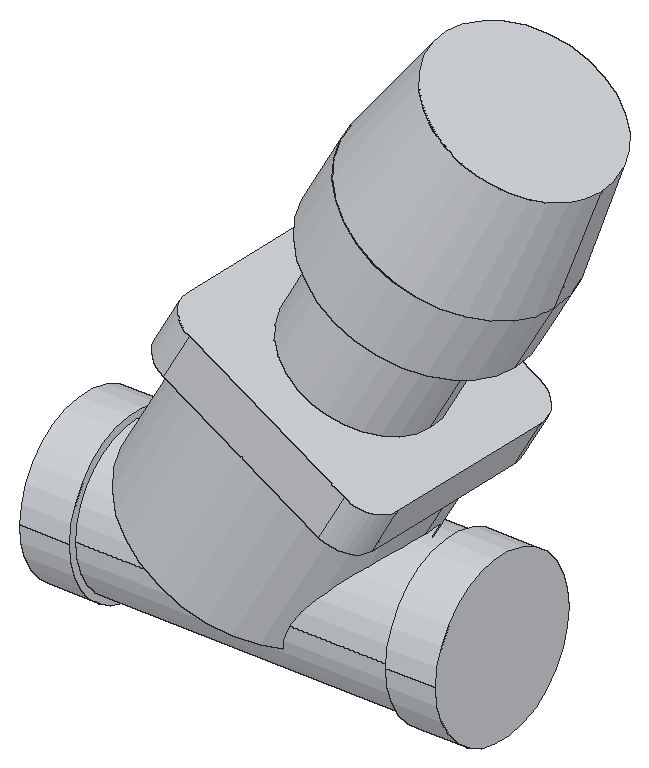
Revit family "OPTIMA_Compact_MM_DN15_2,5_RFA_2019", category Pipe Accessories, Revit 2019
Family settings
  Round Connector Dimension = Use Diameter
  Part Type = Valve - Breaks Into
  Work Plane-Based = No
  Always vertical = Yes
  Cut with Voids When Loaded = No
  Shared = No
Parameters (values of type "OPTIMA Compact DN15 M-M 2.5mm")
  magiProductId = "cf91b4957677408aaed6de7f8e707d"
  magiProductFamilyId = "78ecc78dd0e54fb5aa8a98aef7d402"
  magiPartTypeId = 304
  isMeasuringValve [instance] = no
  ang2D [instance] = 0.00°
  Z = 0 mm
  X = 7 mm
  W2D = 32 mm
  VersionID = "2.0/2018.8.28.1/FRESE_OPTIMA-COMPACT-MM_001"
  Use Minimum Symbol Size [instance] = yes
  URL = "www.hydronix.cz"
  Type Comments = "vnější závit; PN25; 0~120°C, bez měřicích vsuvek"
  R9 = 8 mm
  R8 = 14 mm
  R7 = 17 mm
  R6 = 12 mm
  R5 = 5 mm
  R4 = 19 mm
  R3 = 19 mm
  R2 = 12 mm
  R1 = 13 mm
  QmdConnectorList = "301;D;302;D"
  Productdata [instance] = ""
  PLG0 = no
  Manufacturer = "Hydronix"
  MC Product Code = "53-1304  (3/4\" M-M; 2.5mm; Qmin-dpmin 100l/h-14.9kPa; Qmax-dpmin 575l/h-18.5kPa; dpmax 800kPa)"
  MC Piping Given Pressure Drop [instance] = 0.0 Pa
  LL = 32.5 mm
  L3 = 11 mm
  L2D_Min = 3048 mm
  L2D = 104 mm
  L2 = 49.4 mm
  L1__ve = -L1  # -7.8 mm
  L1 = 7.8 mm
  H6__ve = -H6  # -55 mm
  H6 = 55 mm
  H5 = 20 mm
  H4 = 12 mm
  H3 = 18 mm
  H2 = 8 mm
  H1 = 26 mm
  Description = "Tlakově nezávislý 2-cestný regulační vyvažovací ventil (PICV)"
  D = 15 mm
  A = 30.00°
Types (8, lengths in mm): name | magiProductId | Z | X | R4 | R3 | R2 | R1 | MC Product Code | LL | L3 | L2 | L1__ve | L1 | H6__ve | H6 | H5 | H3 | H2 | H1 | D
  OPTIMA Compact DN32 M-M 5.5mm | "9229f6b2647a4beea29cfed7a0464e" | 1 | 13 | 29 | 31.5 | 22 | 24 | "53-1314  (6/4\" M-M; 5.5mm; Qmin-dpmin 550l/h-17.9kPa; Qmax-dpmin 4001l/h-28.0kPa; dpmax 800kPa)" | 52 | 12.5 | 79.04 | -12.48 | 12.48 | -66 | 66 | 20 | 16 | 10 | 46 | 32
  OPTIMA Compact DN15 M-M 2.5mm | "cf91b4957677408aaed6de7f8e707d" | 0 | 7 | 19 | 19 | 12 | 13 | "53-1304  (3/4\" M-M; 2.5mm; Qmin-dpmin 100l/h-14.9kPa; Qmax-dpmin 575l/h-18.5kPa; dpmax 800kPa)" | 32.5 | 11 | 49.4 | -7.8 | 7.8 | -55 | 55 | 20 | 18 | 8 | 26 | 15
  OPTIMA Compact DN15 M-M 5.0mm | "3da7abe28dc3494da6d3a7ef2edb11" | 0 | 7 | 19 | 19 | 12 | 13 | "53-1305  (3/4\" M-M; 5.0mm; Qmin-dpmin 220l/h-16.0kPa; Qmax-dpmin 1330l/h-21.6kPa; dpmax 800kPa)" | 32.5 | 11 | 49.4 | -7.8 | 7.8 | -55 | 55 | 20 | 18 | 8 | 26 | 15
  OPTIMA Compact DN20 M-M 5.0mm | "dbf1ea5749af4e6bb74c096f7a23b2" | 0 | 10 | 19 | 19 | 13.5 | 16.5 | "53-1308  (1\" M-M; 5.0mm; Qmin-dpmin 220l/h-16.0kPa; Qmax-dpmin 1330l/h-21.6kPa; dpmax 800kPa)" | 35 | 11 | 53.2 | -8.4 | 8.4 | -58.5 | 58.5 | 20 | 18 | 8 | 26 | 20
  OPTIMA Compact DN20 M-M 5.5mm | "a40c776a67e54a899e920652842cb9" | 0 | 10 | 19 | 19 | 13.5 | 16.5 | "53-1311  (1\" M-M; 5.5mm; Qmin-dpmin 300l/h-17.8kPa; Qmax-dpmin 1800l/h-40.0kPa; dpmax 800kPa)" | 35 | 11 | 53.2 | -8.4 | 8.4 | -58.5 | 58.5 | 20 | 18 | 8 | 26 | 20
  OPTIMA Compact DN25 M-M 5.5mm | "c9531e40f709430d814b4200686e37" | 0 | 13 | 29 | 31.5 | 18.5 | 21 | "53-1313  (5/4\" M-M; 5.5mm; Qmin-dpmin 600l/h-17.3kPa; Qmax-dpmin 3609l/h-23.0kPa; dpmax 800kPa)" | 52 | 12.5 | 79.04 | -12.48 | 12.48 | -63 | 63 | 20 | 16 | 10 | 43 | 25
  OPTIMA Compact DN10 M-M 2.5mm | "719160033de540c9acf49957212ec3" | 0 | 7 | 19 | 19 | 9 | 10.5 | "53-1300  (1/2\" M-M; 2.5mm; Qmin-dpmin 30l/h-14.3kPa; Qmax-dpmin 200l/h-15.8kPa; dpmax 800kPa)" | 32.5 | 11 | 49.4 | -7.8 | 7.8 | -52.5 | 52.5 | 17 | 18 | 8 | 30 | 10
  OPTIMA Compact DN10 M-M 5.0mm | "5a6cfbbfc7584f5c989f475761ae24" | 0 | 7 | 19 | 19 | 9 | 10.5 | "53-1309  (1/2\" M-M; 5.0mm; Qmin-dpmin 65l/h-14.6kPa; Qmax-dpmin 370l/h-17.2kPa; dpmax 800kPa)" | 32.5 | 11 | 49.4 | -7.8 | 7.8 | -52.5 | 52.5 | 17 | 18 | 8 | 30 | 10
Reference planes
  plane 1 "Center (Front/Back)": y = 0
  plane 2 "XYPLANE": z = 0
  plane 3 "Center (Left/Right)": x = 0
  plane 4 "267": x = 11
  plane 5 "266": x = -11
  plane 6 "252": through (-607.519, 0, 447.746) normal (0.5, 0, 0.866)
  plane 7 "250": through (-617.519, 0, 430.426) normal (0.5, 0, 0.866)
  plane 8 "248": through (-623.519, 0, 420.033) normal (0.5, 0, 0.866)
  plane 9 "245": through (-632.519, 0, 404.445) normal (0.5, 0, 0.866)
  plane 10 "241": through (352.483, 0, 662.519) normal (0.866, 0, -0.5)
  plane 11 "240": through (385.392, 0, 643.519) normal (0.866, 0, -0.5)
  plane 12 "239": y = -19
  plane 13 "238": y = 19
  plane 14 "237": through (-636.519, 0, 397.517) normal (0.5, 0, 0.866)
  plane 15 "235": through (-649.519, 0, 375) normal (0.5, 0, 0.866)
  plane 16 "231": y = 0
  plane 17 "230": through (368.938, 0, 653.019) normal (0.866, 0, -0.5)
  plane 18 "211": x = -24.7
  plane 19 "204": x = 32.5
  plane 20 "203": x = -32.5
  plane 21 "202": x = 0
  plane 22 "201": z = 0
  plane 23 "200": y = 0
  plane 24 "227XY": through (-649.519, 0, 375) normal (0.5, 0, 0.866)
  plane 25 "227XZ": y = 0
  plane 26 "227YZ": through (375, 0, 649.519) normal (0.866, 0, -0.5)
Forms (mm)
  Extrusion 1, solid, visible <- "PLG0"
    sketch origin (-750, 0, 0) x (1, 0, 0) y (0, 1, 0)
      loop
        circle (761, 0) r 8
    from 0 to -55 <- "H6__ve"
  Extrusion 2, solid, visible <- "PLG0"
    sketch origin (-750, 0, 0) x (1, 0, 0) y (0, 1, 0)
      loop
        circle (739, 0) r 8
    from 0 to -55 <- "H6__ve"
  Blend 3, solid
    base sketch origin (-617.519, 0, 430.426) x (0.866025, 0, -0.5) y (0, 1, 0)
      loop
        circle (743, 0) r 17
    top sketch origin (-617.519, 0, 430.426) x (0.866025, 0, -0.5) y (0, 1, 0)
      loop
        circle (743, 0) r 14
    from 0 to 20
  Extrusion 4, solid
    sketch origin (-623.519, 0, 420.033) x (0.866025, 0, -0.5) y (0, 1, 0)
      loop
        circle (743, 0) r 17
    from 0 to 12 <- "H4"
  Extrusion 5, solid
    sketch origin (-632.519, 0, 404.445) x (0.866025, 0, -0.5) y (0, 1, 0)
      loop
        circle (743, 0) r 12
    from 0 to 18 <- "H3"
  Extrusion 6, solid
    sketch origin (-636.519, 0, 397.517) x (0.866025, 0, -0.5) y (0, 1, 0)
      loop
        arc (729, 19) -> (725.464, 17.536) -> (724, 14) r 5
        line (724, 14) -> (724, -14)
        arc (724, -14) -> (725.464, -17.536) -> (729, -19) r 5
        line (729, -19) -> (757, -19)
        arc (757, -19) -> (760.536, -17.536) -> (762, -14) r 5
        line (762, -14) -> (762, 14)
        arc (762, 14) -> (760.536, 17.536) -> (757, 19) r 5
        line (757, 19) -> (729, 19)
    from 0 to 8 <- "H2"
  Extrusion 7, solid
    sketch origin (-649.519, 0, 375) x (0.866025, 0, -0.5) y (0, 1, 0)
      loop
        circle (743, 0) r 19
    from 0 to 26 <- "H1"
  Extrusion 8, solid
    sketch origin (-24.7, -750, 0) x (0, 1, 0) y (0, 0, 1)
      loop
        circle (750, 0) r 12
    from 0 to 49.4 <- "L2"
  Extrusion 9, solid
    sketch origin (32.5, -750, 0) x (0, 1, 0) y (0, 0, 1)
      loop
        circle (750, 0) r 13
    from 0 to -7.8 <- "L1__ve"
  Extrusion 10, solid
    sketch origin (-32.5, -750, 0) x (0, 1, 0) y (0, 0, 1)
      loop
        circle (750, 0) r 13
    from 0 to 7.8 <- "L1"
  Extrusion 11, solid, not visible
    sketch origin (32.5, -750, 0) x (0, 1, 0) y (0, 0, 1)
      loop
        circle (750, 0) r 10
    from 0 to -10
  Extrusion 12, solid, not visible
    sketch origin (-32.5, -750, 0) x (0, 1, 0) y (0, 0, 1)
      loop
        circle (750, 0) r 10
    from 0 to 10
Lines and regions (mm)
  reference lines, not visible
    curve 1: circle (2, 2, 0) r 1 normal (0, 0, 1)
Dimensions and locks
  plane 1 "Center (Front/Back)" to curve 1 = 2 mm
  "L3": plane 3 "Center (Left/Right)" to plane 4 "267"
  "L3": plane 3 "Center (Left/Right)" to plane 5 "266"
  "H5": plane 7 "250" to plane 6 "252"
  "H4": plane 8 "248" to plane 7 "250"
  "H3": plane 9 "245" to plane 8 "248"
  "H2": plane 14 "237" to plane 9 "245"
  "R4": plane 17 "230" to plane 10 "241"
  "R4": plane 17 "230" to plane 11 "240"
  "R4": plane 23 "200" to plane 12 "239"
  "R4": plane 23 "200" to plane 13 "238"
  "H1": plane 15 "235" to plane 14 "237"
  "Z": plane 24 "227XY" to plane 15 "235"
  locked: plane 23 "200" to plane 16 "231"
  "X": plane 26 "227YZ" to plane 17 "230"
  "L1": plane 20 "203" to plane 18 "211"
  "LL": plane 3 "Center (Left/Right)" to plane 19 "204"
  "LL": plane 3 "Center (Left/Right)" to plane 20 "203"
  locked: plane 3 "Center (Left/Right)" to plane 21 "202"
  locked: plane 2 "XYPLANE" to plane 22 "201"
  locked: plane 1 "Center (Front/Back)" to plane 23 "200"
  Extrusion 6 sketch curve to Extrusion 6 sketch curve = 0 mm  (x16)
  "R9": radius of Extrusion 1 sketch curve
  "R9": radius of Extrusion 2 sketch curve
  "R8": radius of Blend 3 sketch curve
  "R7": radius of Blend 3 sketch curve
  "R7": radius of Extrusion 4 sketch curve
  "R6": radius of Extrusion 5 sketch curve
  "R5": radius of Extrusion 6 sketch curve  (x4)
  "R3": radius of Extrusion 7 sketch curve
  "R2": radius of Extrusion 8 sketch curve
  "R1": radius of Extrusion 9 sketch curve
  "R1": radius of Extrusion 10 sketch curve
  aligned and locked: level to plane 2 "XYPLANE"
  aligned and locked: plane 4 "267" to Extrusion 1 sketch curve
  aligned and locked: plane 23 "200" to Extrusion 1 sketch curve
  aligned and locked: plane 5 "266" to Extrusion 2 sketch curve
  aligned and locked: plane 23 "200" to Extrusion 2 sketch curve
  aligned and locked: plane 16 "231" to Blend 3 sketch curve  (x2)
  aligned and locked: Blend 3 sketch curve to plane 17 "230"  (x2)
  aligned and locked: plane 6 "252" to Blend 3
  aligned and locked: plane 16 "231" to Extrusion 4 sketch curve
  aligned and locked: Extrusion 4 sketch curve to plane 17 "230"
  aligned and locked: plane 16 "231" to Extrusion 5 sketch curve
  aligned and locked: Extrusion 5 sketch curve to plane 17 "230"
  aligned and locked: Extrusion 6 sketch curve to plane 10 "241"
  aligned and locked: Extrusion 6 sketch curve to plane 12 "239"
  aligned and locked: Extrusion 6 sketch curve to plane 11 "240"
  aligned and locked: plane 13 "238" to Extrusion 6 sketch curve
  aligned and locked: plane 16 "231" to Extrusion 7 sketch curve
  aligned and locked: Extrusion 7 sketch curve to plane 17 "230"
  aligned and locked: plane 22 "201" to Extrusion 8 sketch curve
  aligned and locked: Extrusion 8 sketch curve to plane 23 "200"
  aligned and locked: plane 22 "201" to Extrusion 9 sketch curve
  aligned and locked: Extrusion 9 sketch curve to plane 23 "200"
  aligned and locked: plane 22 "201" to Extrusion 10 sketch curve
  aligned and locked: Extrusion 10 sketch curve to plane 23 "200"
  aligned and locked: plane 22 "201" to Extrusion 11 sketch curve
  aligned and locked: Extrusion 11 sketch curve to plane 23 "200"
  aligned and locked: plane 22 "201" to Extrusion 12 sketch curve
  aligned and locked: Extrusion 12 sketch curve to plane 23 "200"
Automatic sketch dimensions
  plane 1 "Center (Front/Back)" to Extrusion 11 sketch curve = 10 mm
  plane 1 "Center (Front/Back)" to Extrusion 12 sketch curve = 10 mm
  plane 3 "Center (Left/Right)" to curve 1 = 2 mm
  radius of curve 1 = 1 mm
Connectors
  piping at (-32.5, 0, 0), diameter 15, driven by "D"
    settings: on Extrusion 12, index 1, connector inside diameter 609.6 mm, connector length 0 mm, flow factor 0, pipe flow 0.0 L/s, pressure drop 0.0 Pa, fitting loss kfactor 0, connector angle 0.00°, fixture units 0, engagement length 0 mm, angle of deflection 0.00°, flow configuration 0, flow direction 0, fitting loss method 0, system type 29, joint type 0, gender type 0, connector reference index 2, connector utility 0, adjustable connector no, is connector primary yes, connector description ""
  piping at (32.5, 0, 0), diameter 15, driven by "D"
    settings: on Extrusion 11, index 2, connector inside diameter 609.6 mm, connector length 0 mm, flow factor 0, pipe flow 0.0 L/s, pressure drop 0.0 Pa, fitting loss kfactor 0, connector angle 0.00°, fixture units 0, engagement length 0 mm, angle of deflection 0.00°, flow configuration 0, flow direction 0, fitting loss method 0, system type 29, joint type 0, gender type 0, connector reference index 1, connector utility 0, adjustable connector no, is connector primary no, connector description ""
